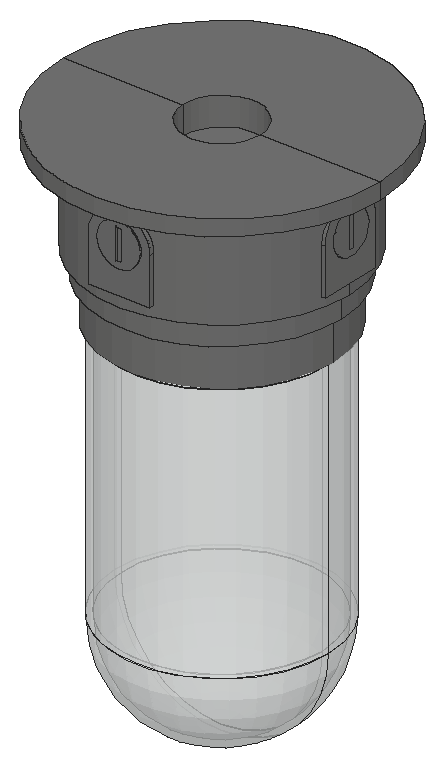
Revit family "Vaportite - Ceiling(VTC) 100w MB 16w MB", category Lighting Fixtures, Revit 2020
Family settings
  Round Connector Dimension = Use Diameter
  Part Type = Normal
  OmniClass Number = 23.80.70.00
  OmniClass Title = Lighting
  Work Plane-Based = No
  Always vertical = Yes
  Cut with Voids When Loaded = No
  Light Source = Yes
  Shared = No
  Room Calculation Point = No
Parameters (values of type "VTC100GL")
  Weight = "2.5 lbs"
  Wattage Comments = "100 W Max"  # constant formula
  Wattage = 2.4 W
  Warranty = "5 year limited warranty"  # constant formula
  built-in parameter 1150110 = 1 (stored number, unit not read)
  Voltage = 277 V  # constant formula
  VTC100GL = yes
  URL = "https://www.anplighting.com/assets/Uploads/product-attachments/specification-sheets/ANP-Specification-Sheet-MB-VTC100GL.pdf"
  built-in parameter 1114217 = 1 (stored number, unit not read)
  Tilt Angle = 90.00°
  built-in parameter 1150109 = 1 (stored number, unit not read)
  built-in parameter 1150134 = 12
  built-in parameter 1150113 = 1 (stored number, unit not read)
  Power Factor = 1
  Placement X axis side [instance] = 0' - 0"  # constant formula
  Photometric Web File = "generic.ies"
  Model = "VTC100GL"
  Manufacturer = "ANP Lighting"  # constant formula
  built-in parameter 1150105 = 238.73 (stored number, unit not read)
  Lumens = 3000 lm
  built-in parameter 1150115 = 1 (stored number, unit not read)
  Load Classification = Lighting
  Light Source Height [instance] = 0' - 6 1/2"  # constant formula
  built-in parameter 1150137 = (empty or 0)
  built-in parameter 1150139 = (empty or 0)
  Light Elevation _2 [instance] = 0' - 1 137/256"  # constant formula
  Light Elevation _1 [instance] = 0' - 0 7/8"  # constant formula
  Light Elevation [instance] = 0' - 0"  # constant formula
  Life = "L70 50,000 hours"  # constant formula
  built-in parameter 1150112 = 1 (stored number, unit not read)
  built-in parameter 1150114 = 1 (stored number, unit not read)
  Lamp = "MB"  # constant formula
  built-in parameter 1150132 = 2
  built-in parameter 1150102 = (empty or 0)
  built-in parameter 1150107 = 4000 (stored number, unit not read)
  built-in parameter 1150138 = (empty or 0)
  built-in parameter 1150106 = 2.3873 (stored number, unit not read)
  INSIDE BODY = INSIDE BODY
  HUB = Texture Black
  Fixture Height = 0' - 8 7/8"
  Fixture Diameter = 0' - 5 1/2"
  Efficiency = "65-125 lumens per watt"  # constant formula
  built-in parameter 1150104 = 116.13 (stored number, unit not read)
  Dimming Lamp Color Temperature Shift = <None>
  Dimming = "1%"  # constant formula
  Description = "120-277 Voltage"  # constant formula
  Default Elevation = 0' - 0"
  Construction Material = "Cast aluminum."  # constant formula
  Color Filter = 16777215
  CRI = ">90"  # constant formula
  Bulb = Bulb
  Body Material = body
  Body Colour = "Cast aluminium"  # constant formula
  built-in parameter 1114218 = 1 (stored number, unit not read)
  built-in parameter 1150133 = 10 (stored number, unit not read)
  Apparent Load = 100 VA
Reference planes (in)
  plane 1 "Light Source Axis (F/B)": y = 0
  plane 2: z = 0
  plane 3 "Light Source Axis (L/R)": x = 0
  plane 4 "Light Source Elevation": z = 0
  plane 5: z = 0
  plane 6: x = 0
  plane 7 "Bulb Position": z = -1.53516
  plane 8 "Canopy Position": z = -0.875
  plane 9 "IES": z = -8.03516
Dimensions and locks (in)
  "Light Elevation": plane 5 to plane 2
  "Placement X axis side": plane 6 to plane 3 "Light Source Axis (L/R)"
  "Light Elevation _2": plane 5 to plane 7 "Bulb Position"
  "Light Elevation _1": plane 5 to plane 8 "Canopy Position"
  "Light Source Height": plane 7 "Bulb Position" to plane 9 "IES"
  locked: plane 4 "Light Source Elevation" to plane 2
  aligned and locked: level to plane 2
  aligned and locked: imposter light to plane 9 "IES"
  aligned and locked: plane 6 to imposter light
  aligned and locked: plane 3 "Light Source Axis (L/R)" to nested 1
  aligned and locked: nested 1 to plane 5
Nested families (in)
  nested 1: "VTC100GL" at (0, 0, 0), visible <- "VTC100GL", Body <- "HUB", Bulb <- "Bulb", Light Elevation <- "Light Elevation", VTC100GL <- "VTC100GL", type "VTC100GL"
    with VTC100GL yes, Light Elevation 0' - 0", Bulb Bulb, Body Texture Black
Definition of nested family "VTC100GL"
  Parameters (values of type "VTC100GL")
    VTC100GL [instance] = yes
    Light Elevation [instance] = 0' - 0"
    Default Elevation = 0' - 0"
    Bulb [instance] = none
    Body [instance] = none
  Reference planes (in)
    plane 1 "Center (Front/Back)": y = 0
    plane 2: z = 0
    plane 3 "Center (Left/Right)": x = 0
    plane 4: z = 0
  Dimensions and locks (in)
    "Light Elevation": plane 4 to plane 2
    aligned and locked: plane 2 to level
    aligned and locked: plane 3 "Center (Left/Right)" to nested 1
    aligned and locked: plane 1 "Center (Front/Back)" to nested 1
    aligned and locked: plane 4 to nested 1
  Nested families (in)
    nested 1: "Family3" at (0, 0, -8.97068), Bulb <- "Bulb", Body <- "Body", visible <- "VTC100GL", VTC100GL <- "VTC100GL", type "Family3"
      with VTC100GL yes, Bulb none, Body none
  Definition of nested family "Family3"
    Parameters
      VTC100GL [instance] = yes
      Default Elevation = 0' - 0"
      Bulb [instance] = none
      Body [instance] = none
    Reference planes (in)
      plane 1 "Center (Front/Back)": y = 0
      plane 2: z = 0
      plane 3 "Center (Left/Right)": x = 0
    Forms (in)
      Revolve 1, solid, material <- "Bulb", visible <- "VTC100GL"
        sketch origin (0, 0, 0) x (1, 0, 0) y (0, 0, 1)
          loop
            line (1.73106, 6.01589) -> (1.63106, 6.01589) -> (1.63106, 1.82673)
            arc (1.63106, 1.82673) -> (1.15333, 0.6734) -> (0, 0.19568) r 1.63106
            line (0, 0.19568) -> (0, 0.09568)
            arc (0, 0.09568) -> (1.22404, 0.60269) -> (1.73106, 1.82673) r 1.73106
            line (1.73106, 1.82673) -> (1.73106, 6.01589)
          axis (0, 0.09568) -> (0, 6.01589)
        angle from 0 to 360
      Revolve 2, solid, material <- "Body", visible <- "VTC100GL"
        sketch origin (0, 0, 0) x (1, 0, 0) y (0, 0, 1)
          loop
            line (1.66776, 6.08226) -> (1.80996, 6.08226) -> (1.80996, 6.76334) -> (1.93629, 6.76334) -> (1.93629, 7.1521) -> (2.06693, 7.1521) -> (2.06693, 8.71218) -> (2.56693, 8.71218) -> (2.56693, 8.97068) -> (0.62767, 8.97068) -> (0.62767, 8.51589) -> (0, 8.51589) -> (0, 6.01589) -> (1.66776, 6.01589) -> (1.66776, 6.08226)
          axis (0, 8.97068) -> (0, 6.01589)
        angle from 0 to 360
      Extrusion 3, solid, material <- "Body", visible <- "VTC100GL"
        sketch origin (0, 0, 0) x (1, 0, 0) y (0, 0, 1)
          loop
            arc (0.5, 8.08268) -> (0, 8.58268) -> (-0.5, 8.08268) r 0.5
            line (-0.5, 8.08268) -> (-0.5, 7.33268) -> (0.5, 7.33268) -> (0.5, 8.08268)
        from 2.01706 to 2.08103
      Extrusion 4, solid, material <- "Body", visible <- "VTC100GL"
        sketch origin (0, 0, 0) x (1, 0, 0) y (0, 0, 1)
          loop
            circle (0, 8.076) r 0.3502
          loop
            line (-0.04533, 8.326) -> (-0.04533, 7.826) -> (0.04533, 7.826) -> (0.04533, 8.326) -> (-0.04533, 8.326)
        from 2.05714 to 2.09165
      Extrusion 5, solid, material <- "Body", visible <- "VTC100GL"
        sketch origin (0, 0, 0) x (0, -1, 0) y (0, 0, 1)
          loop
            arc (0.5, 8.08268) -> (0, 8.58268) -> (-0.5, 8.08268) r 0.5
            line (-0.5, 8.08268) -> (-0.5, 7.33268) -> (0.5, 7.33268) -> (0.5, 8.08268)
        from 2.01706 to 2.08103
      Extrusion 6, solid, material <- "Body", visible <- "VTC100GL"
        sketch origin (0, 0, 0) x (0, -1, 0) y (0, 0, 1)
          loop
            circle (0, 8.076) r 0.3502
          loop
            line (-0.04533, 8.326) -> (-0.04533, 7.826) -> (0.04533, 7.826) -> (0.04533, 8.326) -> (-0.04533, 8.326)
        from 2.05714 to 2.09165
      Extrusion 7, solid, material <- "Body", visible <- "VTC100GL"
        sketch origin (0, 0, 0) x (0, 1, 0) y (0, 0, 1)
          loop
            arc (0.5, 8.08268) -> (0, 8.58268) -> (-0.5, 8.08268) r 0.5
            line (-0.5, 8.08268) -> (-0.5, 7.33268) -> (0.5, 7.33268) -> (0.5, 8.08268)
        from 2.01706 to 2.08103
      Extrusion 8, solid, material <- "Body", visible <- "VTC100GL"
        sketch origin (0, 0, 0) x (0, 1, 0) y (0, 0, 1)
          loop
            circle (0, 8.076) r 0.3502
          loop
            line (-0.04533, 8.326) -> (-0.04533, 7.826) -> (0.04533, 7.826) -> (0.04533, 8.326) -> (-0.04533, 8.326)
        from 2.05714 to 2.09165
      Extrusion 9, solid, material <- "Body", visible <- "VTC100GL"
        sketch origin (0, 0, 0) x (-1, 0, 0) y (0, 0, 1)
          loop
            arc (0.5, 8.08268) -> (0, 8.58268) -> (-0.5, 8.08268) r 0.5
            line (-0.5, 8.08268) -> (-0.5, 7.33268) -> (0.5, 7.33268) -> (0.5, 8.08268)
        from 2.01706 to 2.08103
      Extrusion 10, solid, material <- "Body", visible <- "VTC100GL"
        sketch origin (0, 0, 0) x (-1, 0, 0) y (0, 0, 1)
          loop
            circle (0, 8.076) r 0.3502
          loop
            line (-0.04533, 8.326) -> (-0.04533, 7.826) -> (0.04533, 7.826) -> (0.04533, 8.326) -> (-0.04533, 8.326)
        from 2.05714 to 2.09165
    Cuts and joins
      joined: Extrusion 3, Extrusion 4
    Dimensions and locks (in)
      aligned and locked: plane 2 to level
